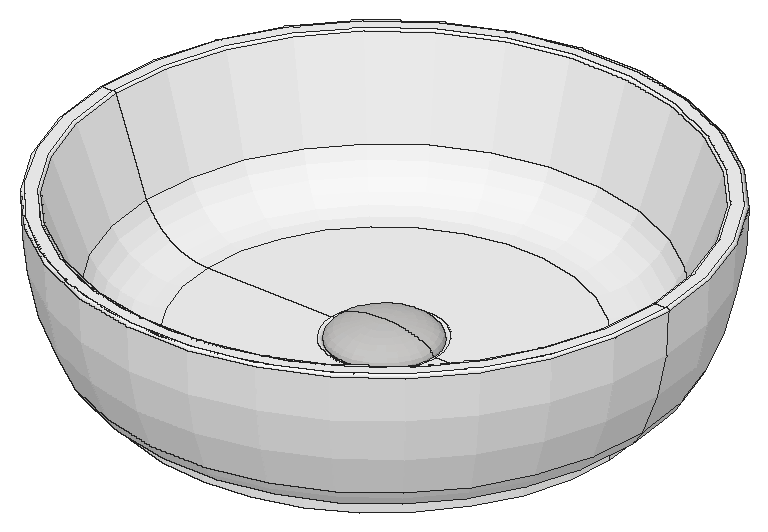
Revit family "IOS SBC-007", category Plumbing Fixtures, Revit 2017
Family settings
  Round Connector Dimension = Use Diameter
  Part Type = Normal
  OmniClass Number = 23.45.00.00
  OmniClass Title = Sanitary, Laundry, and Cleaning Equipment
  Work Plane-Based = No
  Always vertical = Yes
  Cut with Voids When Loaded = No
  Shared = No
  Room Calculation Point = No
Parameters
  Waste Size = 32 mm
  URL = "www.seima.com.au"
  Steel = Steel
  Model = "IOS SBC-007"
  Manufacturer = "SEIMA"
  Basin Material = Vitreous china_White
Reference planes
  plane 1 "Center (Front/Back)": y = 0
  plane 2: z = 0
  plane 3 "Center (Left/Right)": x = 0
  plane 4: z = 115
  plane 5: x = 210
Forms (mm)
  Revolve 1, solid, material "Vitreous china_White" <- "Basin Material"
    sketch origin (0, 0, 0) x (1, 0, 0) y (0, 0, 1)
      loop
        arc (200.015, 115) -> (198.797, 114.587) -> (198.083, 113.518) r 2
        arc (198.083, 113.518) -> (188.219, 82.115) -> (175.721, 51.666) r 386.747
        arc (175.721, 51.666) -> (157.271, 30.49) -> (130.316, 22.602) r 50
        line (130.316, 22.602) -> (38.625, 22.602)
        arc (38.625, 22.602) -> (36.504, 21.724) -> (35.625, 19.602) r 3
        line (35.625, 19.602) -> (35.625, 3)
        arc (35.625, 3) -> (36.504, 0.879) -> (38.625, 0) r 3
        line (38.625, 0) -> (166.544, 0) -> (166.544, 7.129)
        arc (166.544, 7.129) -> (180.669, 14.255) -> (190.638, 26.541) r 37.78
        arc (190.638, 26.541) -> (205.749, 68.584) -> (209.934, 113.064) r 178.285
        arc (209.934, 113.064) -> (209.327, 114.437) -> (207.935, 115) r 2
        line (207.935, 115) -> (200.015, 115)
      axis (0, 115) -> (0, 0)
    angle from 0 to 360
  Revolve 2, solid, material "Steel" <- "Steel"
    sketch origin (0, 0, -19.062) x (1, 0, 0) y (0, 0, 1)
      loop
        line (0, 53.615) -> (0, 38.228) -> (35, 38.228)
        spline (35, 38.228) -> (35.527, 40.123) -> (35.303, 42.026) -> (34.334, 43.897) -> (32.639, 45.697) -> (30.255, 47.387) -> (27.231, 48.932) -> (23.633, 50.298) -> (19.535, 51.458) -> (15.024, 52.387) -> (10.196, 53.064) -> (5.152, 53.477) -> (0, 53.615)
      axis (0, 53.615) -> (0, 38.228)
    angle from 0 to 360
  Extrusion 3, solid
    sketch origin (0, 0, 0) x (1, 0, 0) y (0, 1, 0)
      loop
        circle (0, 0) r 25
    from 0 to 19.165
Dimensions and locks
  plane 4 to level = 115 mm
  plane 5 to plane 3 "Center (Left/Right)" = 210 mm
  aligned and locked: level to plane 2
Connectors
  piping at (0, 0, 0), diameter 32, driven by "Waste Size"
    settings: on Extrusion 3, index 1, connector inside diameter 609.6 mm, connector length 0 mm, flow factor 0, pipe flow 0.0 L/s, pressure drop 0.0 Pa, fitting loss kfactor 0, connector angle 0.00°, fixture units 0, engagement length 0 mm, angle of deflection 0.00°, flow configuration 0, flow direction 2, fitting loss method 0, system type 16, joint type 0, gender type 0, connector reference index -1, connector utility 0, adjustable connector no, is connector primary yes, connector description ""
